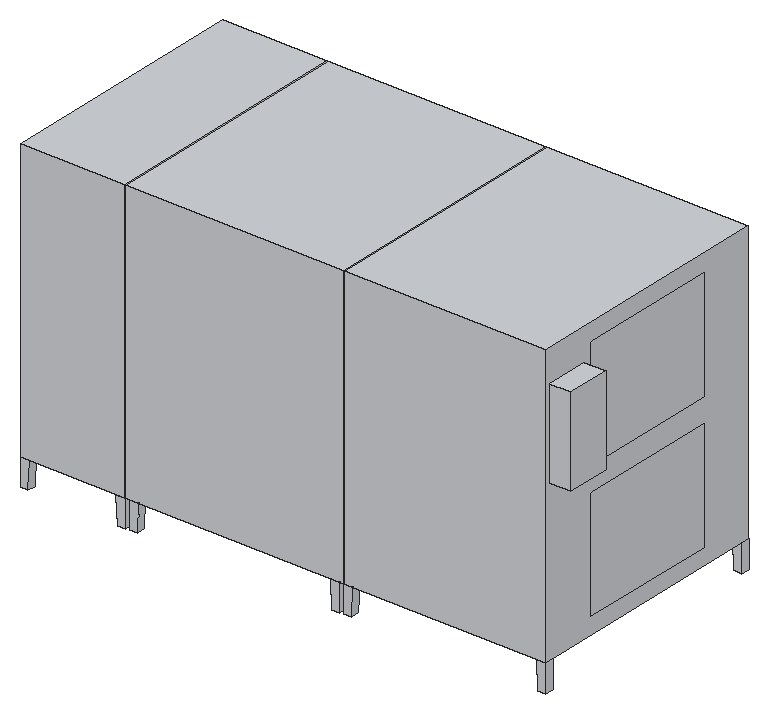
Revit family "AHU 1 _1", category Mechanické zařízení, Revit 2018
Family settings
  Kóta kulaté spojky = Použít průměr
  Typ dílu = Normální
  Číslo OmniClass = 23.75.00.00
  Nadpis OmniClass = Climate Control (HVAC)
  Založené na pracovní rovině = Ne
  Vždy vertikální = Ano
  Ořezat dutým tvarem při načtení = Ne
  Sdílené = Ne
  Bod výpočtu místnosti = Ne
Parameters (values of type "DUPLEXVENT 10000 Multi")
  Width [instance] = 1.62 mm
  Weight [instance] = 1114.00 kg
  URL = ""
  Type [instance] = "DUPLEXVENT 10000 Multi"
  Total_SFP [instance] = 0
  Supply_outlet_hum [instance] = 90
  Supply_inlet_hum [instance] = 90
  Supply_ext_pressure [instance] = 0.0 Pa
  Supply_SFP [instance] = 0
  Source_adu_file [instance] = ""
  Recuperation_type [instance] = "Plate heat recovery exchanger"
  Recuperation_efficiency_EN308 [instance] = 0
  Project_name [instance] = ""
  Project_date [instance] = "9.8.2023"
  Power_supply_fusing [instance] = "0"
  Power_supply_cable [instance] = "0"
  Position [instance] = "AHU 1 "
  Phases_count [instance] = 3
  Panel_thickness [instance] = 0.06 mm
  Outer_surface [instance] = "RAL 9002"
  Length [instance] = 3.37 mm
  Insulation_type [instance] = "PUR"
  Insulation_thickness [instance] = 0.05 mm
  Installation_environment [instance] = ""
  Input_power_max [instance] = 10400 W
  Inner_surface [instance] = "Pozink"
  I2 [instance] = I1  # 0.0 L/s
  Height [instance] = 1.795 mm
  Exhaust_outlet_hum [instance] = 0
  Exhaust_inlet_hum [instance] = 40
  Exhaust_ext_pressure [instance] = 0.0 Pa
  Exhaust_SFP [instance] = 0
  E1 [instance] = E2 - M1  # 0.0 L/s
  E2 [instance] = 0.0 L/s
  I1 [instance] = 0.0 L/s
  Description = ""
  M1 [instance] = 0.0 L/s
  Device_dutypoint_version [instance] = "1"
  Device_design_version [instance] = "10"
  Device_adu_id [instance] = "1"
  Current_max [instance] = 16.8 A
  Casing_mat [instance] = "painted zinc layer"
  Cable type [instance] = "CYKY 5Jx4"
Reference planes
  plane 1 "Střed (vpředu/vzadu)": y = 0
  plane 2 "ref": z = 0
  plane 3 "Střed (vlevo/vpravo)": x = 0
Forms (mm)
  Sweep 1, solid
    path origin (0, 0, 0) x (0, 0, 1) y (1, 0, 0)
      loop
        line (0, 0) -> (1795, 0)
    profile origin (0, 0, 0) x (1, 0, 0) y (0, 1, 0)
      loop
        line (0, 0) -> (671, 0) -> (671, 1620) -> (0, 1620) -> (0, 0)
  Sweep 2, solid
    path origin (0, 0, 0) x (0, 0, 1) y (1, 0, 0)
      loop
        line (0, 0) -> (1795, 0)
    profile origin (0, 0, 0) x (1, 0, 0) y (0, 1, 0)
      loop
        line (671, 0) -> (2074, 0) -> (2074, 1620) -> (671, 1620) -> (671, 0)
  Sweep 3, solid
    path origin (0, 0, 0) x (0, 0, 1) y (1, 0, 0)
      loop
        line (0, 0) -> (1795, 0)
    profile origin (0, 0, 0) x (1, 0, 0) y (0, 1, 0)
      loop
        line (2074, 0) -> (3367, 0) -> (3367, 1620) -> (2074, 1620) -> (2074, 0)
  Sweep 4, solid
    path origin (1, 810, 465) x (0, 1, 0) y (-1, 0, 0)
      loop
        line (0, 0) -> (0, 1)
    profile origin (1, 810, 465) x (0, -1, 0) y (0, 0, 1)
      loop
        line (-450, -355) -> (450, -355) -> (450, 355) -> (-450, 355) -> (-450, -355)
  Sweep 5, solid
    path origin (3369, 810, 1330) x (1, 0, 0) y (0, 1, 0)
      loop
        line (0, 0) -> (1, 0)
    profile origin (3369, 810, 1330) x (0, 1, 0) y (0, 0, 1)
      loop
        line (-450, 355) -> (-450, -355) -> (450, -355) -> (450, 355) -> (-450, 355)
  Sweep 6, solid
    path origin (3369, 810, 465) x (1, 0, 0) y (0, 1, 0)
      loop
        line (0, 0) -> (1, 0)
    profile origin (3369, 810, 465) x (0, 1, 0) y (0, 0, 1)
      loop
        line (-450, 355) -> (-450, -355) -> (450, -355) -> (450, 355) -> (-450, 355)
  Sweep 7, solid
    path origin (1, 810, 1330) x (0, 1, 0) y (-1, 0, 0)
      loop
        line (0, 0) -> (0, 1)
    profile origin (1, 810, 1330) x (0, -1, 0) y (0, 0, 1)
      loop
        line (-450, -355) -> (450, -355) -> (450, 355) -> (-450, 355) -> (-450, -355)
  Sweep 8, solid
    path origin (2608, 360, 0) x (0, -1, 0) y (0, 0, 1)
      loop
        line (0, 0) -> (0, -142)
    profile origin (2608, 360, 0) x (-1, 0, 0) y (0, -1, 0)
      loop
        circle (0, 0) r 8
  Sweep 9, solid
    path origin (2616, 360, -150) x (0, 0, -1) y (1, 0, 0)
      loop
        line (0, 0) -> (0, 14)
    profile origin (2616, 360, -150) x (0, 0, 1) y (0, -1, 0)
      loop
        circle (0, 0) r 8
  Sweep 10, solid
    path origin (2638, 360, -142) x (0, -1, 0) y (0, 0, 1)
      loop
        line (0, 0) -> (0, 59)
    profile origin (2638, 360, -142) x (0, 1, 0) y (-1, 0, 0)
      loop
        circle (0, 0) r 8
  Sweep 11, solid
    path origin (2646, 360, -75) x (0, 0, -1) y (1, 0, 0)
      loop
        line (0, 0) -> (0, 22)
    profile origin (2646, 360, -75) x (0, 0, 1) y (0, -1, 0)
      loop
        circle (0, 0) r 8
  Sweep 12, solid
    path origin (965, 360, 0) x (0, -1, 0) y (0, 0, 1)
      loop
        line (0, 0) -> (0, -142)
    profile origin (965, 360, 0) x (-1, 0, 0) y (0, -1, 0)
      loop
        circle (0, 0) r 8
  Sweep 13, solid
    path origin (973, 360, -150) x (0, 0, -1) y (1, 0, 0)
      loop
        line (0, 0) -> (0, 14)
    profile origin (973, 360, -150) x (0, 0, 1) y (0, -1, 0)
      loop
        circle (0, 0) r 8
  Sweep 14, solid
    path origin (995, 360, -142) x (0, -1, 0) y (0, 0, 1)
      loop
        line (0, 0) -> (0, 59)
    profile origin (995, 360, -142) x (0, 1, 0) y (-1, 0, 0)
      loop
        circle (0, 0) r 8
  Sweep 15, solid
    path origin (1003, 360, -75) x (0, 0, -1) y (1, 0, 0)
      loop
        line (0, 0) -> (0, 22)
    profile origin (1003, 360, -75) x (0, 0, 1) y (0, -1, 0)
      loop
        circle (0, 0) r 8
  Sweep 16, solid
    path origin (25, 50, 0) x (1, 0, 0) y (0, 1, 0)
      loop
        line (0, 0) -> (0, -50)
    profile origin (25, 50, 0) x (1, 0, 0) y (0, 0, 1)
      loop
        line (-25, 0) -> (-25, -175) -> (25, -175) -> (35, 0) -> (-25, 0)
  Sweep 17, solid
    path origin (3345, 50, 0) x (1, 0, 0) y (0, 1, 0)
      loop
        line (0, 0) -> (0, -50)
    profile origin (3345, 50, 0) x (1, 0, 0) y (0, 0, 1)
      loop
        line (-35, 0) -> (-25, -175) -> (25, -175) -> (25, 0) -> (-35, 0)
  Sweep 18, solid
    path origin (25, 1620, 0) x (1, 0, 0) y (0, 1, 0)
      loop
        line (0, 0) -> (0, -50)
    profile origin (25, 1620, 0) x (1, 0, 0) y (0, 0, 1)
      loop
        line (-25, 0) -> (-25, -175) -> (25, -175) -> (35, 0) -> (-25, 0)
  Sweep 19, solid
    path origin (3345, 1620, 0) x (1, 0, 0) y (0, 1, 0)
      loop
        line (0, 0) -> (0, -50)
    profile origin (3345, 1620, 0) x (1, 0, 0) y (0, 0, 1)
      loop
        line (-35, 0) -> (-25, -175) -> (25, -175) -> (25, 0) -> (-35, 0)
  Sweep 20, solid
    path origin (650, 50, 0) x (1, 0, 0) y (0, 1, 0)
      loop
        line (0, 0) -> (0, -50)
    profile origin (650, 50, 0) x (1, 0, 0) y (0, 0, 1)
      loop
        line (-35, 0) -> (-25, -175) -> (25, -175) -> (25, 0) -> (-35, 0)
  Sweep 21, solid
    path origin (650, 1620, 0) x (1, 0, 0) y (0, 1, 0)
      loop
        line (0, 0) -> (0, -50)
    profile origin (650, 1620, 0) x (1, 0, 0) y (0, 0, 1)
      loop
        line (-35, 0) -> (-25, -175) -> (25, -175) -> (25, 0) -> (-35, 0)
  Sweep 22, solid
    path origin (725, 50, 0) x (1, 0, 0) y (0, 1, 0)
      loop
        line (0, 0) -> (0, -50)
    profile origin (725, 50, 0) x (1, 0, 0) y (0, 0, 1)
      loop
        line (-25, 0) -> (-25, -175) -> (25, -175) -> (35, 0) -> (-25, 0)
  Sweep 23, solid
    path origin (725, 1620, 0) x (1, 0, 0) y (0, 1, 0)
      loop
        line (0, 0) -> (0, -50)
    profile origin (725, 1620, 0) x (1, 0, 0) y (0, 0, 1)
      loop
        line (-25, 0) -> (-25, -175) -> (25, -175) -> (35, 0) -> (-25, 0)
  Sweep 24, solid
    path origin (2023, 50, 0) x (1, 0, 0) y (0, 1, 0)
      loop
        line (0, 0) -> (0, -50)
    profile origin (2023, 50, 0) x (1, 0, 0) y (0, 0, 1)
      loop
        line (-35, 0) -> (-25, -175) -> (25, -175) -> (25, 0) -> (-35, 0)
  Sweep 25, solid
    path origin (2023, 1620, 0) x (1, 0, 0) y (0, 1, 0)
      loop
        line (0, 0) -> (0, -50)
    profile origin (2023, 1620, 0) x (1, 0, 0) y (0, 0, 1)
      loop
        line (-35, 0) -> (-25, -175) -> (25, -175) -> (25, 0) -> (-35, 0)
  Sweep 26, solid
    path origin (2098, 50, 0) x (1, 0, 0) y (0, 1, 0)
      loop
        line (0, 0) -> (0, -50)
    profile origin (2098, 50, 0) x (1, 0, 0) y (0, 0, 1)
      loop
        line (-25, 0) -> (-25, -175) -> (25, -175) -> (35, 0) -> (-25, 0)
  Sweep 27, solid
    path origin (2098, 1620, 0) x (1, 0, 0) y (0, 1, 0)
      loop
        line (0, 0) -> (0, -50)
    profile origin (2098, 1620, 0) x (1, 0, 0) y (0, 0, 1)
      loop
        line (-25, 0) -> (-25, -175) -> (25, -175) -> (35, 0) -> (-25, 0)
  Sweep 28, solid
    path origin (0, 0, 1024) x (0, 0, 1) y (1, 0, 0)
      loop
        line (0, 0) -> (570, 0)
    profile origin (0, 0, 1024) x (1, 0, 0) y (0, 1, 0)
      loop
        line (3370, 25) -> (3510, 25) -> (3510, 300) -> (3370, 300) -> (3370, 25)
  Sweep 29, solid
    path origin (3440, 163, 1024) x (0, -1, 0) y (0, 0, 1)
      loop
        line (0, 0) -> (0, -1)
    profile origin (3440, 163, 1024) x (-1, 0, 0) y (0, -1, 0)
      loop
        circle (0, 0) r 10
Lines and regions (mm)
  model lines, style "Symbol"
    curve 1: line (1382, 0, 0) -> (1382, 0, 359)
    curve 2: line (1382, 0, 1795) -> (1382, 0, 1436)
    curve 3: line (0, 0, 897) -> (671, 0, 897)
    curve 4: line (671, 0, 897) -> (843, 0, 897)
    curve 5: line (2074, 0, 897) -> (1920, 0, 897)
    curve 6: line (2074, 0, 897) -> (3370, 0, 897)
    curve 7: line (843, 0, 897) -> (1112, 0, 1436)
    curve 8: line (1112, 0, 1436) -> (1651, 0, 1436)
    curve 9: line (1651, 0, 1436) -> (1920, 0, 897)
    curve 10: line (1920, 0, 897) -> (1651, 0, 359)
    curve 11: line (1651, 0, 359) -> (1382, 0, 359)
    curve 12: line (1382, 0, 359) -> (1112, 0, 359)
    curve 13: line (1112, 0, 359) -> (843, 0, 897)
    curve 14: line (2975, 0, 1474) -> (3262, 0, 1425)
    curve 15: line (2975, 0, 1218) -> (3262, 0, 1267)
    curve 16: line (395, 0, 1218) -> (108, 0, 1267)
    curve 17: line (395, 0, 1474) -> (108, 0, 1425)
    curve 18: line (67, 0, 179) -> (67, 0, 718)
    curve 19: line (67, 0, 718) -> (270, 0, 718)
    curve 20: line (270, 0, 718) -> (270, 0, 179)
    curve 21: line (270, 0, 179) -> (67, 0, 179)
    curve 22: line (169, 0, 179) -> (270, 0, 449)
    curve 23: line (169, 0, 718) -> (270, 0, 449)
    curve 24: line (3303, 0, 718) -> (3303, 0, 179)
    curve 25: line (3303, 0, 179) -> (3100, 0, 179)
    curve 26: line (3100, 0, 179) -> (3100, 0, 718)
    curve 27: line (3100, 0, 718) -> (3303, 0, 718)
    curve 28: line (3201, 0, 718) -> (3100, 0, 449)
    curve 29: line (3201, 0, 179) -> (3100, 0, 449)
    curve 30: line (1015, 0, 314) -> (771, 0, 794)
    curve 31: line (771, 0, 794) -> (851, 0, 835)
    curve 32: line (851, 0, 835) -> (1095, 0, 355)
    curve 33: line (1095, 0, 355) -> (1015, 0, 314)
    curve 34: line (868, 0, 622) -> (900, 0, 719)
    curve 35: line (966, 0, 430) -> (998, 0, 527)
    curve 36: line (0, -1540, 0) -> (0, 0, 0)
    curve 37: line (3370, -1540, 0) -> (3370, 0, 0)
    curve 38: line (0, -1540, 0) -> (3370, -1540, 0)
    curve 39: line (0, -1540, 1795) -> (0, 0, 1795)
    curve 40: line (3370, -1540, 1795) -> (3370, 0, 1795)
    curve 41: line (0, -1540, 1795) -> (3370, -1540, 1795)
    curve 42: line (0, -1540, 0) -> (0, -1540, 1795)
    curve 43: line (3370, -1540, 0) -> (3370, -1540, 1795)
    curve 44: line (0, -1540, 1595) -> (200, -1540, 1795)
    curve 45: line (0, -1540, 1395) -> (400, -1540, 1795)
    curve 46: line (0, -1540, 1195) -> (600, -1540, 1795)
    curve 47: line (0, -1540, 995) -> (800, -1540, 1795)
    curve 48: line (0, -1540, 795) -> (1000, -1540, 1795)
    curve 49: line (0, -1540, 595) -> (1200, -1540, 1795)
    curve 50: line (0, -1540, 395) -> (1400, -1540, 1795)
    curve 51: line (0, -1540, 195) -> (1600, -1540, 1795)
    curve 52: line (5, -1540, 0) -> (1800, -1540, 1795)
    curve 53: line (205, -1540, 0) -> (2000, -1540, 1795)
    curve 54: line (405, -1540, 0) -> (2200, -1540, 1795)
    curve 55: line (605, -1540, 0) -> (2400, -1540, 1795)
    curve 56: line (805, -1540, 0) -> (2600, -1540, 1795)
    curve 57: line (1005, -1540, 0) -> (2800, -1540, 1795)
    curve 58: line (1205, -1540, 0) -> (3000, -1540, 1795)
    curve 59: line (1405, -1540, 0) -> (3200, -1540, 1795)
    curve 60: line (1605, -1540, 0) -> (3370, -1540, 1765)
    curve 61: line (1805, -1540, 0) -> (3370, -1540, 1565)
    curve 62: line (2005, -1540, 0) -> (3370, -1540, 1365)
    curve 63: line (2205, -1540, 0) -> (3370, -1540, 1165)
    curve 64: line (2405, -1540, 0) -> (3370, -1540, 965)
    curve 65: line (2605, -1540, 0) -> (3370, -1540, 765)
    curve 66: line (2805, -1540, 0) -> (3370, -1540, 565)
    curve 67: line (3005, -1540, 0) -> (3370, -1540, 365)
    curve 68: line (3205, -1540, 0) -> (3370, -1540, 165)
    curve 69: line (3370, -1540, 1595) -> (3370, -1340, 1795)
    curve 70: line (3370, -1540, 1395) -> (3370, -1140, 1795)
    curve 71: line (3370, -1540, 1195) -> (3370, -940, 1795)
    curve 72: line (3370, -1540, 995) -> (3370, -740, 1795)
    curve 73: line (3370, -1540, 795) -> (3370, -540, 1795)
    curve 74: line (3370, -1540, 595) -> (3370, -340, 1795)
    curve 75: line (3370, -1540, 395) -> (3370, -140, 1795)
    curve 76: line (3370, -1540, 195) -> (3370, 0, 1735)
    curve 77: line (3370, -1535, 0) -> (3370, 0, 1535)
    curve 78: line (3370, -1335, 0) -> (3370, 0, 1335)
    curve 79: line (3370, -1135, 0) -> (3370, 0, 1135)
    curve 80: line (3370, -935, 0) -> (3370, 0, 935)
    curve 81: line (3370, -735, 0) -> (3370, 0, 735)
    curve 82: line (3370, -535, 0) -> (3370, 0, 535)
    curve 83: line (3370, -335, 0) -> (3370, 0, 335)
    curve 84: line (3370, -135, 0) -> (3370, 0, 135)
    curve 85: line (0, -1340, 1795) -> (200, -1540, 1795)
    curve 86: line (0, -1140, 1795) -> (400, -1540, 1795)
    curve 87: line (0, -940, 1795) -> (600, -1540, 1795)
    curve 88: line (0, -740, 1795) -> (800, -1540, 1795)
    curve 89: line (0, -540, 1795) -> (1000, -1540, 1795)
    curve 90: line (0, -340, 1795) -> (1200, -1540, 1795)
    curve 91: line (0, -140, 1795) -> (1400, -1540, 1795)
    curve 92: line (60, 0, 1795) -> (1600, -1540, 1795)
    curve 93: line (260, 0, 1795) -> (1800, -1540, 1795)
    curve 94: line (460, 0, 1795) -> (2000, -1540, 1795)
    curve 95: line (660, 0, 1795) -> (2200, -1540, 1795)
    curve 96: line (860, 0, 1795) -> (2400, -1540, 1795)
    curve 97: line (1060, 0, 1795) -> (2600, -1540, 1795)
    curve 98: line (1260, 0, 1795) -> (2800, -1540, 1795)
    curve 99: line (1460, 0, 1795) -> (3000, -1540, 1795)
    curve 100: line (1660, 0, 1795) -> (3200, -1540, 1795)
    curve 101: line (1860, 0, 1795) -> (3370, -1510, 1795)
    curve 102: line (2060, 0, 1795) -> (3370, -1310, 1795)
    curve 103: line (2260, 0, 1795) -> (3370, -1110, 1795)
    curve 104: line (2460, 0, 1795) -> (3370, -910, 1795)
    curve 105: line (2660, 0, 1795) -> (3370, -710, 1795)
    curve 106: line (2860, 0, 1795) -> (3370, -510, 1795)
    curve 107: line (3060, 0, 1795) -> (3370, -310, 1795)
    curve 108: line (3260, 0, 1795) -> (3370, -110, 1795)
    curve 109: line (4090, 0, 0) -> (3370, 0, 0)
    curve 110: line (4090, 1620, 0) -> (3370, 1620, 0)
    curve 111: line (4090, 0, 0) -> (4090, 1620, 0)
    curve 112: line (4090, 0, 1795) -> (3370, 0, 1795)
    curve 113: line (4090, 1620, 1795) -> (3370, 1620, 1795)
    curve 114: line (4090, 0, 1795) -> (4090, 1620, 1795)
    curve 115: line (4090, 0, 0) -> (4090, 0, 1795)
    curve 116: line (4090, 1620, 0) -> (4090, 1620, 1795)
    curve 117: line (4090, 0, 1595) -> (4090, 200, 1795)
    curve 118: line (4090, 0, 1395) -> (4090, 400, 1795)
    curve 119: line (4090, 0, 1195) -> (4090, 600, 1795)
    curve 120: line (4090, 0, 995) -> (4090, 800, 1795)
    curve 121: line (4090, 0, 795) -> (4090, 1000, 1795)
    curve 122: line (4090, 0, 595) -> (4090, 1200, 1795)
    curve 123: line (4090, 0, 395) -> (4090, 1400, 1795)
    curve 124: line (4090, 0, 195) -> (4090, 1600, 1795)
    curve 125: line (4090, 5, 0) -> (4090, 1620, 1615)
    curve 126: line (4090, 205, 0) -> (4090, 1620, 1415)
    curve 127: line (4090, 405, 0) -> (4090, 1620, 1215)
    curve 128: line (4090, 605, 0) -> (4090, 1620, 1015)
    curve 129: line (4090, 805, 0) -> (4090, 1620, 815)
    curve 130: line (4090, 1005, 0) -> (4090, 1620, 615)
    curve 131: line (4090, 1205, 0) -> (4090, 1620, 415)
    curve 132: line (4090, 1405, 0) -> (4090, 1620, 215)
    curve 133: line (4090, 1605, 0) -> (4090, 1620, 15)
    curve 134: line (4090, 1620, 1595) -> (3890, 1620, 1795)
    curve 135: line (4090, 1620, 1395) -> (3690, 1620, 1795)
    curve 136: line (4090, 1620, 1195) -> (3490, 1620, 1795)
    curve 137: line (4090, 1620, 995) -> (3370, 1620, 1715)
    curve 138: line (4090, 1620, 795) -> (3370, 1620, 1515)
    curve 139: line (4090, 1620, 595) -> (3370, 1620, 1315)
    curve 140: line (4090, 1620, 395) -> (3370, 1620, 1115)
    curve 141: line (4090, 1620, 195) -> (3370, 1620, 915)
    curve 142: line (4085, 1620, 0) -> (3370, 1620, 715)
    curve 143: line (3885, 1620, 0) -> (3370, 1620, 515)
    curve 144: line (3685, 1620, 0) -> (3370, 1620, 315)
    curve 145: line (3485, 1620, 0) -> (3370, 1620, 115)
    curve 146: line (3890, 0, 1795) -> (4090, 200, 1795)
    curve 147: line (3690, 0, 1795) -> (4090, 400, 1795)
    curve 148: line (3490, 0, 1795) -> (4090, 600, 1795)
    curve 149: line (3370, 80, 1795) -> (4090, 800, 1795)
    curve 150: line (3370, 280, 1795) -> (4090, 1000, 1795)
    curve 151: line (3370, 480, 1795) -> (4090, 1200, 1795)
    curve 152: line (3370, 680, 1795) -> (4090, 1400, 1795)
    curve 153: line (3370, 880, 1795) -> (4090, 1600, 1795)
    curve 154: line (3370, 1080, 1795) -> (3910, 1620, 1795)
    curve 155: line (3370, 1280, 1795) -> (3710, 1620, 1795)
    curve 156: line (3370, 1480, 1795) -> (3510, 1620, 1795)
    curve 157: line (0, 1620, -200) -> (0, 1620, 0)
    curve 158: line (3370, 1620, -200) -> (3370, 1620, 0)
    curve 159: line (0, 1620, -200) -> (3370, 1620, -200)
    curve 160: line (0, 0, -200) -> (0, 0, 0)
    curve 161: line (3370, 0, -200) -> (3370, 0, 0)
    curve 162: line (0, 0, -200) -> (3370, 0, -200)
    curve 163: line (0, 1620, -200) -> (0, 0, -200)
    curve 164: line (3370, 1620, -200) -> (3370, 0, -200)
    curve 165: line (0, 200, -200) -> (200, 0, -200)
    curve 166: line (0, 400, -200) -> (400, 0, -200)
    curve 167: line (0, 600, -200) -> (600, 0, -200)
    curve 168: line (0, 800, -200) -> (800, 0, -200)
    curve 169: line (0, 1000, -200) -> (1000, 0, -200)
    curve 170: line (0, 1200, -200) -> (1200, 0, -200)
    curve 171: line (0, 1400, -200) -> (1400, 0, -200)
    curve 172: line (0, 1600, -200) -> (1600, 0, -200)
    curve 173: line (180, 1620, -200) -> (1800, 0, -200)
    curve 174: line (380, 1620, -200) -> (2000, 0, -200)
    curve 175: line (580, 1620, -200) -> (2200, 0, -200)
    curve 176: line (780, 1620, -200) -> (2400, 0, -200)
    curve 177: line (980, 1620, -200) -> (2600, 0, -200)
    curve 178: line (1180, 1620, -200) -> (2800, 0, -200)
    curve 179: line (1380, 1620, -200) -> (3000, 0, -200)
    curve 180: line (1580, 1620, -200) -> (3200, 0, -200)
    curve 181: line (1780, 1620, -200) -> (3370, 30, -200)
    curve 182: line (1980, 1620, -200) -> (3370, 230, -200)
    curve 183: line (2180, 1620, -200) -> (3370, 430, -200)
    curve 184: line (2380, 1620, -200) -> (3370, 630, -200)
    curve 185: line (2580, 1620, -200) -> (3370, 830, -200)
    curve 186: line (2780, 1620, -200) -> (3370, 1030, -200)
    curve 187: line (2980, 1620, -200) -> (3370, 1230, -200)
    curve 188: line (3180, 1620, -200) -> (3370, 1430, -200)
    curve 189: line (3370, 200, -200) -> (3370, 0, 0)
    curve 190: line (3370, 400, -200) -> (3370, 200, 0)
    curve 191: line (3370, 600, -200) -> (3370, 400, 0)
    curve 192: line (3370, 800, -200) -> (3370, 600, 0)
    curve 193: line (3370, 1000, -200) -> (3370, 800, 0)
    curve 194: line (3370, 1200, -200) -> (3370, 1000, 0)
    curve 195: line (3370, 1400, -200) -> (3370, 1200, 0)
    curve 196: line (3370, 1600, -200) -> (3370, 1400, 0)
    curve 197: line (3370, 1620, -20) -> (3370, 1600, 0)
    curve 198: line (0, 0, 0) -> (200, 0, -200)
    curve 199: line (200, 0, 0) -> (400, 0, -200)
    curve 200: line (400, 0, 0) -> (600, 0, -200)
    curve 201: line (600, 0, 0) -> (800, 0, -200)
    curve 202: line (800, 0, 0) -> (1000, 0, -200)
    curve 203: line (1000, 0, 0) -> (1200, 0, -200)
    curve 204: line (1200, 0, 0) -> (1400, 0, -200)
    curve 205: line (1400, 0, 0) -> (1600, 0, -200)
    curve 206: line (1600, 0, 0) -> (1800, 0, -200)
    curve 207: line (1800, 0, 0) -> (2000, 0, -200)
    curve 208: line (2000, 0, 0) -> (2200, 0, -200)
    curve 209: line (2200, 0, 0) -> (2400, 0, -200)
    curve 210: line (2400, 0, 0) -> (2600, 0, -200)
    curve 211: line (2600, 0, 0) -> (2800, 0, -200)
    curve 212: line (2800, 0, 0) -> (3000, 0, -200)
    curve 213: line (3000, 0, 0) -> (3200, 0, -200)
    curve 214: line (3200, 0, 0) -> (3370, 0, -170)
    curve 215: line (0, 0, 2395) -> (0, 0, 1795)
    curve 216: line (3370, 0, 2395) -> (3370, 0, 1795)
    curve 217: line (0, 0, 2395) -> (3370, 0, 2395)
    curve 218: line (0, 1620, 2395) -> (0, 1620, 1795)
    curve 219: line (3370, 1620, 2395) -> (3370, 1620, 1795)
    curve 220: line (0, 1620, 2395) -> (3370, 1620, 2395)
    curve 221: line (0, 0, 2395) -> (0, 1620, 2395)
    curve 222: line (3370, 0, 2395) -> (3370, 1620, 2395)
    curve 223: line (0, 1420, 2395) -> (200, 1620, 2395)
    curve 224: line (0, 1220, 2395) -> (400, 1620, 2395)
    curve 225: line (0, 1020, 2395) -> (600, 1620, 2395)
    curve 226: line (0, 820, 2395) -> (800, 1620, 2395)
    curve 227: line (0, 620, 2395) -> (1000, 1620, 2395)
    curve 228: line (0, 420, 2395) -> (1200, 1620, 2395)
    curve 229: line (0, 220, 2395) -> (1400, 1620, 2395)
    curve 230: line (0, 20, 2395) -> (1600, 1620, 2395)
    curve 231: line (180, 0, 2395) -> (1800, 1620, 2395)
    curve 232: line (380, 0, 2395) -> (2000, 1620, 2395)
    curve 233: line (580, 0, 2395) -> (2200, 1620, 2395)
    curve 234: line (780, 0, 2395) -> (2400, 1620, 2395)
    curve 235: line (980, 0, 2395) -> (2600, 1620, 2395)
    curve 236: line (1180, 0, 2395) -> (2800, 1620, 2395)
    curve 237: line (1380, 0, 2395) -> (3000, 1620, 2395)
    curve 238: line (1580, 0, 2395) -> (3200, 1620, 2395)
    curve 239: line (1780, 0, 2395) -> (3370, 1590, 2395)
    curve 240: line (1980, 0, 2395) -> (3370, 1390, 2395)
    curve 241: line (2180, 0, 2395) -> (3370, 1190, 2395)
    curve 242: line (2380, 0, 2395) -> (3370, 990, 2395)
    curve 243: line (2580, 0, 2395) -> (3370, 790, 2395)
    curve 244: line (2780, 0, 2395) -> (3370, 590, 2395)
    curve 245: line (2980, 0, 2395) -> (3370, 390, 2395)
    curve 246: line (3180, 0, 2395) -> (3370, 190, 2395)
    curve 247: line (3370, 1420, 2395) -> (3370, 1620, 2195)
    curve 248: line (3370, 1220, 2395) -> (3370, 1620, 1995)
    curve 249: line (3370, 1020, 2395) -> (3370, 1620, 1795)
    curve 250: line (3370, 820, 2395) -> (3370, 1420, 1795)
    curve 251: line (3370, 620, 2395) -> (3370, 1220, 1795)
    curve 252: line (3370, 420, 2395) -> (3370, 1020, 1795)
    curve 253: line (3370, 220, 2395) -> (3370, 820, 1795)
    curve 254: line (3370, 20, 2395) -> (3370, 620, 1795)
    curve 255: line (3370, 0, 2215) -> (3370, 420, 1795)
    curve 256: line (3370, 0, 2015) -> (3370, 220, 1795)
    curve 257: line (3370, 0, 1815) -> (3370, 20, 1795)
    curve 258: line (0, 1620, 2195) -> (200, 1620, 2395)
    curve 259: line (0, 1620, 1995) -> (400, 1620, 2395)
    curve 260: line (0, 1620, 1795) -> (600, 1620, 2395)
    curve 261: line (200, 1620, 1795) -> (800, 1620, 2395)
    curve 262: line (400, 1620, 1795) -> (1000, 1620, 2395)
    curve 263: line (600, 1620, 1795) -> (1200, 1620, 2395)
    curve 264: line (800, 1620, 1795) -> (1400, 1620, 2395)
    curve 265: line (1000, 1620, 1795) -> (1600, 1620, 2395)
    curve 266: line (1200, 1620, 1795) -> (1800, 1620, 2395)
    curve 267: line (1400, 1620, 1795) -> (2000, 1620, 2395)
    curve 268: line (1600, 1620, 1795) -> (2200, 1620, 2395)
    curve 269: line (1800, 1620, 1795) -> (2400, 1620, 2395)
    curve 270: line (2000, 1620, 1795) -> (2600, 1620, 2395)
    curve 271: line (2200, 1620, 1795) -> (2800, 1620, 2395)
    curve 272: line (2400, 1620, 1795) -> (3000, 1620, 2395)
    curve 273: line (2600, 1620, 1795) -> (3200, 1620, 2395)
    curve 274: line (2800, 1620, 1795) -> (3370, 1620, 2365)
    curve 275: line (3000, 1620, 1795) -> (3370, 1620, 2165)
    curve 276: line (3200, 1620, 1795) -> (3370, 1620, 1965)
    curve 277: circle (3101, 0, 1346) r 179 normal (0, -1, 0)
    curve 278: circle (269, 0, 1346) r 179 normal (0, -1, 0)
    curve 279: circle (884, 0, 670) r 13 normal (0, -1, 0)
    curve 280: circle (982, 0, 478) r 13 normal (0, -1, 0)
    curve 281: circle (2608, 360, 0) r 8 normal (0, 0, -1)
    curve 282: circle (2608, 360, -142) r 8 normal (0, 0, -1)
    curve 283: circle (965, 360, 0) r 8 normal (0, 0, -1)
    curve 284: circle (965, 360, -142) r 8 normal (0, 0, -1)
Dimensions and locks
  aligned and locked: level to plane 2 "ref"
Connectors
  hvac at (0, 810, 465), driven by "E1"
    settings: on Sweep 4, index 1, duct flow 0.0 L/s, flow factor 0, pres drop 0.0 Pa, loss coef 0, conn angle 0.00°, conn width 900 mm, conn height 710 mm, conn diameter 609.6 mm, duct sys type 1, conn prof type 1, flow config 1, flow direction 1, loss method 0, conn ref index -1, conn util no, is conn primary yes, conn desc ""
  hvac at (3370, 810, 1330), driven by "E2"
    settings: on Sweep 5, index 2, duct flow 0.0 L/s, flow factor 1, pres drop 0.0 Pa, loss coef 0, conn angle 0.00°, conn width 900 mm, conn height 710 mm, conn diameter 609.6 mm, duct sys type 1, conn prof type 1, flow config 2, flow direction 2, loss method 0, conn ref index -1, conn util no, is conn primary no, conn desc ""
  hvac at (3370, 810, 465), driven by "I1"
    settings: on Sweep 6, index 3, duct flow 0.0 L/s, flow factor 1, pres drop 0.0 Pa, loss coef 0, conn angle 0.00°, conn width 900 mm, conn height 710 mm, conn diameter 609.6 mm, duct sys type 3, conn prof type 1, flow config 2, flow direction 1, loss method 0, conn ref index -1, conn util no, is conn primary no, conn desc ""
  hvac at (0, 810, 1330), driven by "I2"
    settings: on Sweep 7, index 4, duct flow 0.0 L/s, flow factor 0, pres drop 0.0 Pa, loss coef 0, conn angle 0.00°, conn width 900 mm, conn height 710 mm, conn diameter 609.6 mm, duct sys type 3, conn prof type 1, flow config 1, flow direction 2, loss method 0, conn ref index -1, conn util no, is conn primary no, conn desc ""
  piping at (2668, 360, -75), diameter 40
    settings: on Sweep 11, index 5, connector inside diameter 609.6 mm, connector length 0 mm, flow factor 0, pipe flow 0.0 L/s, pressure drop 0.0 Pa, fitting loss kfactor 0, connector angle 0.00°, fixture units 0, engagement length 0 mm, angle of deflection 0.00°, flow configuration 1, flow direction 2, fitting loss method 0, system type 16, joint type 0, gender type 0, connector reference index -1, connector utility 0, adjustable connector no, is connector primary yes, connector description ""
  piping at (1025, 360, -75), diameter 40
    settings: on Sweep 15, index 6, connector inside diameter 609.6 mm, connector length 0 mm, flow factor 0, pipe flow 0.0 L/s, pressure drop 0.0 Pa, fitting loss kfactor 0, connector angle 0.00°, fixture units 0, engagement length 0 mm, angle of deflection 0.00°, flow configuration 1, flow direction 2, fitting loss method 0, system type 16, joint type 0, gender type 0, connector reference index -1, connector utility 0, adjustable connector no, is connector primary no, connector description ""
  electrical at (3440, 163, 1023)
    settings: on Sweep 29, index 7, voltage 400 V, apparent load 0 VA, apparent load phase1 0 VA, apparent load phase2 0 VA, apparent load phase3 0 VA, power factor 1, load classification "Další", number of poles 3, system type 31, power factor state 1, is connector primary yes, connector utility no, sub classification motor no, connector description ""
